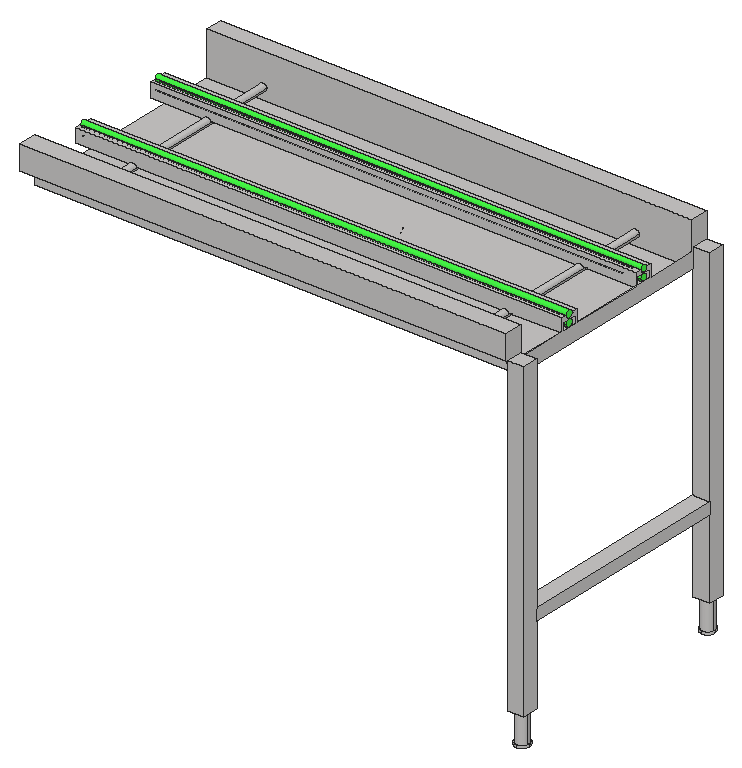
Revit family "QF_ELECTROLUXPROFESSIONAL_863150_HSBCC12", category Specialty Equipment, Revit 2018
Family settings
  Round Connector Dimension = Use Diameter
  Part Type = Normal
  Work Plane-Based = No
  Always vertical = Yes
  Cut with Voids When Loaded = No
  Shared = No
  Room Calculation Point = No
Parameters
  Weight = 0.00 kg
  Watts = 0 W
  Volts = 0 V
  URL Manufacturer = "http://professional.electrolux.com"
  URL = "http://professional.electrolux.com"
  Steam Supply Size = 0 mm
  Steam Supply Minimum Pressure = 0.0 Pa
  Steam Supply Maximum Pressure = 0.0 Pa
  Steam Pounds per Hour = 0
  Refrigeration Suction Line Size = 0 mm
  Refrigeration Liquid Line Size = 0 mm
  Refrigerant Compressor Remote = yes
  Manufacturer = "Electrolux"
  Phase = 0
  Model = "HSBCC12"
  Length Actual = 1200 mm  # constant formula
  Item Number = "863150"
  Hot Water Size = 0 mm
  Height Actual = 910 mm  # constant formula
  HP = "0 HP"
  Gas Size = 0 mm
  Gas KW = 0
  Gas Input Pressure = 0 W
  Description = "CORD CONVEYOR FOR BASKETS, L=1200 MM"
  Depth Actual = 620 mm  # constant formula
  Cycle = 0 Hz
  Condensate Return Size = 0 mm
  Compressed Air Volume = 0.0 L/s
  Compressed Air Size = 0 mm
  Compressed Air Pressure = 0.0 Pa
  Cold Water Size = 0 mm
  Accessory = yes
Reference planes
  plane 1 "Centro (Fronte/Retro)": y = 74.737
  plane 2: z = 0
  plane 3 "LEFT": x = -1638.761
  plane 4 "BACK": y = 384.737
  plane 5 "FRONT": y = -235.263
  plane 6: z = 910
  plane 7 "RIGHT": x = -438.761
  plane 8: x = -1038.761
Forms (mm)
  Extrusion 1, solid, material "QF_Finishes_Stainless Steel"
    sketch origin (11.239, 0, 0) x (0, 1, 0) y (0, 0, 1)
      loop
        line (-235.263, 910) -> (-235.263, 850.033) -> (-190.242, 850.033) -> (-190.242, 910) -> (-235.263, 910)
      loop
        line (384.737, 910) -> (339.716, 910) -> (339.716, 850.033) -> (384.737, 850.033) -> (384.737, 910)
    from -1650 to -451.2
  Extrusion 2, solid, material "QF_Finishes_Stainless Steel"
    sketch origin (11.239, 0, 0) x (0, 1, 0) y (0, 0, 1)
      loop
        line (-191.727, 850.033) -> (-191.727, 800.081) -> (341.245, 800.081) -> (341.245, 850.033) -> (339.716, 850.033) -> (339.716, 803.081) -> (-190.242, 803.081) -> (-190.242, 850.033) -> (-191.727, 850.033)
    from -1650 to -451.2
  Extrusion 3, solid, material "QF_Finishes_Stainless Steel"
    sketch origin (1061.239, 723.253, 4000) x (0, 1, 0) y (0, 0, 1)
      loop
        line (-958.516, -3090) -> (-958.516, -3149.967) -> (-934.752, -3185.632) -> (-915.4, -3185.632) -> (-915.4, -3199.919) -> (-381.633, -3199.919) -> (-381.633, -3185.632) -> (-362.281, -3185.632) -> (-338.516, -3149.967) -> (-338.516, -3090) -> (-383.538, -3090) -> (-383.538, -3161.926) -> (-913.495, -3161.926) -> (-913.495, -3090) -> (-958.516, -3090)
    from -1500 to -1501.2
  Extrusion 4, solid, material "QF_Finishes_Stainless Steel"
    sketch origin (-1477.522, 74.737, 0) x (-1, 0, 0) y (0, 0, -1)
      loop
        line (-1079.929, -300) -> (-1039.929, -300) -> (-1039.929, -270) -> (-1079.929, -270) -> (-1079.929, -300)
    from -266.504 to 266.46
  Revolve 5, solid, material "QF_Finishes_Stainless Steel"
    sketch origin (0, 74.737, 0) x (1, 0, 0) y (0, 0, 1)
      loop
        line (-1115.255, 800.081) -> (-1115.255, 786.333)
        arc (-1115.255, 786.333) -> (-1114.651, 784.73) -> (-1113.151, 783.903) r 2.474
        arc (-1113.151, 783.903) -> (-1109.843, 780.044) -> (-1113.138, 776.173) r 3.913
        arc (-1113.138, 776.173) -> (-1114.648, 775.341) -> (-1115.255, 773.728) r 2.49
        line (-1115.255, 773.728) -> (-1115.255, 733.404)
        arc (-1115.255, 733.404) -> (-1104.605, 702.706) -> (-1077.218, 685.219) r 49.516
        line (-1077.218, 685.219) -> (-1077.218, 682.73) -> (-1076.011, 681.079) -> (-1076.011, 679.492) -> (-1062.231, 673.492) -> (-1062.231, 638.761) -> (-1060.707, 637.3) -> (-1038.761, 637.3) -> (-1038.761, 800.081) -> (-1115.255, 800.081)
      axis (-1038.761, 800.081) -> (-1038.761, 637.3)
    angle from 0 to 360
  Extrusion 6, solid, material "QF_Finishes_Stainless Steel"
    sketch origin (0, 74.737, 0) x (1, 0, 0) y (0, 0, 1)
      loop
        circle (-1498.761, 831.05) r 8.5
    from -265 to 264.979
  Extrusion 7, solid, material "QF_Finishes_Stainless Steel"
    sketch origin (2140, 74.737, 0) x (1, 0, 0) y (0, 0, 1)
      loop
        circle (-2718.761, 831.05) r 8.5
    from -265 to 265
  Extrusion 8, solid, material "QF_Finishes_Stainless Steel"
    sketch origin (-438.761, 0, 0) x (0, 1, 0) y (0, 0, 1)
      loop
        line (-62.763, 869.045) -> (-62.763, 835.05) -> (-60.363, 835.05) -> (-60.363, 857.845) -> (-19.763, 857.845) -> (-19.763, 835.05) -> (-17.763, 835.05) -> (-17.763, 869.045) -> (-30.056, 869.045) -> (-35.275, 860.005) -> (-45.251, 860.005) -> (-50.47, 869.045) -> (-62.763, 869.045)
      loop
        line (212.237, 869.045) -> (199.944, 869.045) -> (194.725, 860.005) -> (184.749, 860.005) -> (179.53, 869.045) -> (167.237, 869.045) -> (167.237, 835.05) -> (169.237, 835.05) -> (169.237, 857.845) -> (209.837, 857.845) -> (209.837, 835.05) -> (212.237, 835.05) -> (212.237, 869.045)
    from 0 to -1200
  Extrusion 9, solid, material "QF_Finishes_Green"
    sketch origin (-438.761, 0, 0) x (0, 1, 0) y (0, 0, 1)
      loop
        circle (-40.263, 868.505) r 7.5
      loop
        circle (-40.263, 848.505) r 7.5
      loop
        circle (189.737, 868.505) r 7.5
      loop
        circle (189.737, 848.505) r 7.5
    from 0 to -1200
Cuts and joins
  joined: Extrusion 1, Extrusion 2, Extrusion 3, Extrusion 6, Extrusion 7, Extrusion 8
Lines and regions (mm)
  Split face 1
    outline origin (-573.782, -239.063, 803.081) x (0, 1, 0) y (-1, 0, 0)
      loop
        circle (313.8, 464.979) r 3
  Split face 2
    outline origin (-573.782, -239.063, 803.081) x (0, 1, 0) y (-1, 0, 0)
      loop
        circle (313.8, 464.979) r 9
  Split face 3
    outline origin (-573.782, -239.063, 803.081) x (0, 1, 0) y (-1, 0, 0)
      loop
        circle (313.8, 464.979) r 26
  Split face 4
    outline origin (-573.782, -239.063, 803.081) x (0, 1, 0) y (-1, 0, 0)
      loop
        circle (313.8, 464.979) r 36
  Split face 5
    outline origin (-573.782, -239.063, 803.081) x (0, 1, 0) y (-1, 0, 0)
      loop
        circle (313.8, 464.979) r 53
  symbolic lines
    curve 1: line (-438.761, 384.737, 0) -> (-1638.761, 384.737, 0)
    curve 2: line (-1638.761, 384.737, 0) -> (-1638.761, -235.263, 0)
    curve 3: line (-1638.761, 339.716, 0) -> (-438.761, 339.716, 0)
    curve 4: line (-1638.761, -235.263, 0) -> (-438.761, -235.263, 0)
    curve 5: line (-438.761, -235.263, 0) -> (-438.761, 384.737, 0)
    curve 6: line (-438.761, -190.242, 0) -> (-1638.761, -190.242, 0)
    curve 7: line (-1638.761, 74.737, 0) -> (-1608.761, 74.737, 0)
    curve 8: line (-438.761, 74.737, 0) -> (-468.761, 74.737, 0)
    curve 9: circle (-1038.761, 74.737, 0) r 23.47 normal (0, 0, 1)
    curve 10: line (-438.761, 212.237, 0) -> (-1638.761, 212.237, 0)
    curve 11: line (-1638.761, 167.237, 0) -> (-438.761, 167.237, 0)
    curve 12: line (-438.761, -17.763, 0) -> (-1638.761, -17.763, 0)
    curve 13: line (-1638.761, -62.763, 0) -> (-438.761, -62.763, 0)
    curve 14: line (-1638.761, -47.763, 0) -> (-438.761, -47.763, 0)
    curve 15: line (-1638.761, -32.763, 0) -> (-438.761, -32.763, 0)
    curve 16: line (-1638.761, 197.237, 0) -> (-438.761, 197.237, 0)
    curve 17: line (-1638.761, 182.237, 0) -> (-438.761, 182.237, 0)
    curve 18: line (-1507.261, 339.716, 0) -> (-1507.261, 212.237, 0)
    curve 19: line (-1490.261, 339.716, 0) -> (-1490.261, 212.237, 0)
    curve 20: line (-1490.261, 167.237, 0) -> (-1490.261, -17.763, 0)
    curve 21: line (-1507.261, 167.237, 0) -> (-1507.261, -17.763, 0)
    curve 22: line (-1507.261, -62.763, 0) -> (-1507.261, -190.242, 0)
    curve 23: line (-1490.261, -62.763, 0) -> (-1490.261, -190.242, 0)
    curve 24: line (-587.261, 339.716, 0) -> (-587.261, 212.237, 0)
    curve 25: line (-570.261, 339.716, 0) -> (-570.261, 212.237, 0)
    curve 26: line (-570.261, 167.237, 0) -> (-570.261, -17.763, 0)
    curve 27: line (-587.261, 167.237, 0) -> (-587.261, -17.763, 0)
    curve 28: line (-587.261, -62.763, 0) -> (-587.261, -190.242, 0)
    curve 29: line (-570.261, -62.763, 0) -> (-570.261, -190.242, 0)
Dimensions and locks
  plane 3 "LEFT" to plane 7 "RIGHT" = 1200 mm
  equal spacing: plane 4 "BACK", plane 1 "Centro (Fronte/Retro)", plane 5 "FRONT"
  plane 4 "BACK" to plane 5 "FRONT" = 620 mm
  equal spacing: plane 3 "LEFT", plane 8, plane 7 "RIGHT"
  locked: Extrusion 6 sketch curve to plane 3 "LEFT" at 140
  locked: plane 7 "RIGHT" to Extrusion 7 sketch curve at 140
  aligned and locked: level to plane 2
  aligned and locked: curve 9 to Revolve 5
  aligned and locked: plane 8 to Split face 5  (x2)
  aligned and locked: plane 8 to Split face 4  (x2)
  aligned and locked: plane 8 to cut or joined group of Extrusion 1, Extrusion 2, Extrusion 3, Extrusion 6, Extrusion 7, Extrusion 8  (x4)
  aligned and locked: plane 8 to Split face 3  (x2)
  aligned and locked: plane 8 to Split face 2  (x2)
  aligned and locked: plane 8 to Split face 1  (x2)
  aligned and locked: Extrusion 2 to plane 3 "LEFT"
  aligned and locked: Extrusion 1 to plane 3 "LEFT"
  aligned and locked: Extrusion 8 to plane 3 "LEFT"
  aligned and locked: cut or joined group of Extrusion 1, Extrusion 2, Extrusion 3, Extrusion 6, Extrusion 7, Extrusion 8 to plane 3 "LEFT"  (x2)
  aligned and locked: plane 3 "LEFT" to curve 6
  aligned and locked: plane 3 "LEFT" to curve 4
  aligned and locked: Extrusion 9 to plane 3 "LEFT"
Automatic sketch dimensions
  Extrusion 1 sketch curve to plane 5 "FRONT" = 0 mm
  Extrusion 1 sketch curve to plane 6 = 0 mm  (x2)
  Extrusion 1 sketch curve to plane 4 "BACK" = 0 mm
  plane 5 "FRONT" to Extrusion 1 sketch curve = 45.021 mm
  Extrusion 1 sketch curve to plane 4 "BACK" = 45.021 mm
  Extrusion 1 sketch curve to Extrusion 1 sketch curve = 59.967 mm  (x2)
  plane 5 "FRONT" to Extrusion 2 sketch curve = 43.536 mm
  Extrusion 2 sketch curve to Extrusion 2 sketch curve = 1.486 mm
  Extrusion 2 sketch curve to plane 4 "BACK" = 45.021 mm
  Extrusion 2 sketch curve to Extrusion 2 sketch curve = 1.529 mm
  Extrusion 2 sketch curve to plane 6 = 109.919 mm
  Extrusion 2 sketch curve to Extrusion 2 sketch curve = 3 mm
  Extrusion 2 sketch curve to Extrusion 2 sketch curve = 46.952 mm  (x2)
  Extrusion 3 sketch curve to plane 5 "FRONT" = 0 mm
  Extrusion 3 sketch curve to plane 6 = 0 mm  (x2)
  Extrusion 3 sketch curve to plane 4 "BACK" = 0 mm
  plane 5 "FRONT" to Extrusion 3 sketch curve = 23.764 mm
  Extrusion 3 sketch curve to Extrusion 3 sketch curve = 19.352 mm  (x2)
  plane 5 "FRONT" to Extrusion 3 sketch curve = 45.021 mm
  Extrusion 3 sketch curve to plane 4 "BACK" = 45.021 mm
  Extrusion 3 sketch curve to Extrusion 3 sketch curve = 1.905 mm
  Extrusion 3 sketch curve to Extrusion 3 sketch curve = 59.967 mm  (x2)
  Extrusion 3 sketch curve to Extrusion 3 sketch curve = 11.959 mm
  Extrusion 3 sketch curve to Extrusion 3 sketch curve = 23.706 mm  (x2)
  Extrusion 3 sketch curve to Extrusion 3 sketch curve = 14.287 mm
  Extrusion 4 sketch curve to plane 7 "RIGHT" = 41.168 mm
  Extrusion 4 sketch curve to plane 7 "RIGHT" = 1.168 mm
  Extrusion 4 sketch curve to level = 270 mm
  Extrusion 4 sketch curve to Extrusion 4 sketch curve = 30 mm
  Extrusion 6 sketch curve to plane 6 = 78.95 mm
  Extrusion 7 sketch curve to plane 6 = 78.95 mm
  plane 1 "Centro (Fronte/Retro)" to Extrusion 8 sketch curve = 137.5 mm
  Extrusion 8 sketch curve to Extrusion 8 sketch curve = 2.4 mm  (x2)
  Extrusion 8 sketch curve to plane 6 = 40.955 mm  (x3)
  Extrusion 8 sketch curve to Extrusion 8 sketch curve = 12.293 mm  (x2)
  Extrusion 8 sketch curve to Extrusion 8 sketch curve = 5.219 mm  (x4)
  Extrusion 8 sketch curve to Extrusion 8 sketch curve = 9.976 mm  (x2)
  Extrusion 8 sketch curve to Extrusion 8 sketch curve = 10.293 mm
  Extrusion 8 sketch curve to Extrusion 8 sketch curve = 2 mm  (x2)
  Extrusion 8 sketch curve to plane 1 "Centro (Fronte/Retro)" = 92.5 mm
  Extrusion 8 sketch curve to plane 6 = 49.995 mm
  Extrusion 8 sketch curve to Extrusion 8 sketch curve = 9.893 mm
  Extrusion 8 sketch curve to Extrusion 8 sketch curve = 11.2 mm
  Extrusion 8 sketch curve to Extrusion 8 sketch curve = 2.16 mm
  Extrusion 8 sketch curve to Extrusion 8 sketch curve = 22.795 mm  (x4)
  Extrusion 8 sketch curve to Extrusion 8 sketch curve = 9.04 mm  (x2)
  plane 1 "Centro (Fronte/Retro)" to Extrusion 9 sketch curve = 115 mm
  Extrusion 9 sketch curve to Extrusion 9 sketch curve = 0 mm  (x2)
  Extrusion 9 sketch curve to plane 1 "Centro (Fronte/Retro)" = 115 mm
  Extrusion 9 sketch curve to plane 6 = 61.495 mm  (x2)
  Extrusion 9 sketch curve to Extrusion 9 sketch curve = 20 mm  (x2)
  plane 1 "Centro (Fronte/Retro)" to curve 7 = 0 mm
  plane 1 "Centro (Fronte/Retro)" to curve 8 = 0 mm
  curve 15 to plane 7 "RIGHT" = 0 mm
  curve 4 to plane 5 "FRONT" = 0 mm
  curve 2 to plane 4 "BACK" = 0 mm
  plane 3 "LEFT" to curve 7 = 30 mm
  curve 18 to plane 4 "BACK" = 45.021 mm
  plane 3 "LEFT" to curve 18 = 131.5 mm
  plane 5 "FRONT" to curve 22 = 45.021 mm
  plane 3 "LEFT" to curve 22 = 131.5 mm
  curve 21 to curve 18 = 0 mm
  curve 18 to curve 19 = 17 mm
  curve 21 to curve 20 = 17 mm
  curve 22 to curve 23 = 17 mm
  curve 28 to plane 7 "RIGHT" = 148.5 mm
  curve 24 to plane 7 "RIGHT" = 148.5 mm
  curve 27 to curve 28 = 0 mm
  curve 27 to curve 26 = 17 mm
  curve 24 to curve 25 = 17 mm
  curve 28 to curve 29 = 17 mm
  curve 8 to plane 7 "RIGHT" = 30 mm
  curve 13 to curve 14 = 15 mm
  curve 14 to curve 15 = 15 mm
  curve 15 to curve 12 = 15 mm
  curve 11 to curve 17 = 15 mm
  curve 16 to curve 10 = 15 mm
  Revolve 5 sketch curve to plane 8 = 0 mm  (x2)
  Revolve 5 sketch curve to Revolve 5 sketch curve = 21.946 mm
  Revolve 5 sketch curve to Revolve 5 sketch curve = 1.524 mm
  Revolve 5 sketch curve to plane 8 = 26.978 mm
  Revolve 5 sketch curve to Revolve 5 sketch curve = 13.78 mm
  Revolve 5 sketch curve to Revolve 5 sketch curve = 1.206 mm
  Revolve 5 sketch curve to Revolve 5 sketch curve = 47.026 mm
  Revolve 5 sketch curve to Revolve 5 sketch curve = 0.016 mm  (x3)
  Revolve 5 sketch curve to Revolve 5 sketch curve = 0.976 mm
  Revolve 5 sketch curve to Revolve 5 sketch curve = 2.474 mm
  Revolve 5 sketch curve to Revolve 5 sketch curve = 2.49 mm
  Revolve 5 sketch curve to Revolve 5 sketch curve = 0 mm
  Revolve 5 sketch curve to plane 6 = 272.7 mm
  Revolve 5 sketch curve to Revolve 5 sketch curve = 1.461 mm
  Revolve 5 sketch curve to Revolve 5 sketch curve = 34.731 mm
  Revolve 5 sketch curve to Revolve 5 sketch curve = 6 mm
  Revolve 5 sketch curve to Revolve 5 sketch curve = 1.588 mm
  Revolve 5 sketch curve to Revolve 5 sketch curve = 1.651 mm
  Revolve 5 sketch curve to Revolve 5 sketch curve = 2.488 mm
  Revolve 5 sketch curve to Revolve 5 sketch curve = 48.167 mm
  Revolve 5 sketch curve to Revolve 5 sketch curve = 40.307 mm
  Revolve 5 sketch curve to Revolve 5 sketch curve = 6.326 mm
  Revolve 5 sketch curve to Revolve 5 sketch curve = 6.296 mm
  Revolve 5 sketch curve to Revolve 5 sketch curve = 13.748 mm
  Revolve 5 sketch curve to Revolve 5 sketch curve = 0.373 mm
  Revolve 5 sketch curve to Revolve 5 sketch curve = 38.557 mm
  plane 6 to Revolve 5 sketch curve = 8.743 mm
  cut or joined group of Extrusion 1, Extrusion 2, Extrusion 3, Extrusion 6, Extrusion 7, Extrusion 8 to Split face 1 sketch curve = 264.979 mm
  cut or joined group of Extrusion 1, Extrusion 2, Extrusion 3, Extrusion 6, Extrusion 7, Extrusion 8 to Split face 1 sketch curve = 598.8 mm
  cut or joined group of Extrusion 1, Extrusion 2, Extrusion 3, Extrusion 6, Extrusion 7, Extrusion 8 to Split face 2 sketch curve = 264.979 mm
  cut or joined group of Extrusion 1, Extrusion 2, Extrusion 3, Extrusion 6, Extrusion 7, Extrusion 8 to Split face 2 sketch curve = 598.8 mm
  cut or joined group of Extrusion 1, Extrusion 2, Extrusion 3, Extrusion 6, Extrusion 7, Extrusion 8 to Split face 3 sketch curve = 264.979 mm
  cut or joined group of Extrusion 1, Extrusion 2, Extrusion 3, Extrusion 6, Extrusion 7, Extrusion 8 to Split face 3 sketch curve = 598.8 mm
  cut or joined group of Extrusion 1, Extrusion 2, Extrusion 3, Extrusion 6, Extrusion 7, Extrusion 8 to Split face 4 sketch curve = 264.979 mm
  cut or joined group of Extrusion 1, Extrusion 2, Extrusion 3, Extrusion 6, Extrusion 7, Extrusion 8 to Split face 4 sketch curve = 598.8 mm
  cut or joined group of Extrusion 1, Extrusion 2, Extrusion 3, Extrusion 6, Extrusion 7, Extrusion 8 to Split face 5 sketch curve = 264.979 mm
  cut or joined group of Extrusion 1, Extrusion 2, Extrusion 3, Extrusion 6, Extrusion 7, Extrusion 8 to Split face 5 sketch curve = 598.8 mm
  curve 6 to curve 13 = 127.479 mm
  curve 20 to curve 19 = 45 mm
  curve 26 to plane 1 "Centro (Fronte/Retro)" = 92.5 mm
  radius of Extrusion 6 sketch curve = 8.5 mm
  radius of Extrusion 7 sketch curve = 8.5 mm
  radius of Extrusion 9 sketch curve = 7.5 mm  (x4)
  radius of Split face 1 sketch curve = 3 mm
  radius of Split face 2 sketch curve = 9 mm
  radius of Split face 3 sketch curve = 26 mm
  radius of Split face 4 sketch curve = 36 mm
  radius of Split face 5 sketch curve = 53 mm
Nested families
  nested 1: "Foot_40x40" at (-417.593, 361.245, 0) x (-1, 0, 0) z (0, 0, 1), type "Foot_40x40"
    with A 850.033 mm
  nested 2: "Foot_40x40" at (-417.593, -211.771, 0) x (-1, 0, 0) z (0, 0, 1), type "Foot_40x40"
    with A 850.033 mm
Connectors
  piping at (-1038.761, 74.737, 637.3), diameter 40
    settings: on Revolve 5, index 1, connector inside diameter 609.6 mm, connector length 0 mm, flow factor 0, pipe flow 0.0 L/s, pressure drop 0.0 Pa, fitting loss kfactor 0, connector angle 0.00°, fixture units 0, engagement length 0 mm, angle of deflection 0.00°, flow configuration 1, flow direction 2, fitting loss method 0, system type 16, joint type 0, gender type 0, connector reference index -1, connector utility 0, adjustable connector no, is connector primary yes, connector description "Drain"
Definition of nested family "Foot_40x40"
  Parameters
    A [instance] = 850 mm
  Reference planes
    plane 1 "Centro (Fronte/Retro)": y = 0
    plane 2: z = 0
    plane 3 "Centro (Sinistra/Destra)": x = 0
    plane 4: z = 850
  Forms (mm)
    Extrusion 1, solid
      sketch origin (0, 0, 0) x (1, 0, 0) y (0, 1, 0)
        loop
          circle (0, 0) r 18
      from 0 to 5
    Extrusion 2, solid
      sketch origin (0, 0, 5) x (1, 0, 0) y (0, 1, 0)
        loop
          circle (0, 0) r 15
      from 0 to 70
    Extrusion 3, solid
      sketch origin (0, 0, 75) x (1, 0, 0) y (0, 1, 0)
        loop
          line (-20, 20) -> (-20, -20) -> (20, -20) -> (20, 20) -> (-20, 20)
      from 0 to 775
  Dimensions and locks
    "A": plane 4 to plane 2
    aligned and locked: level to plane 2
    aligned and locked: plane 4 to Extrusion 3
    aligned and locked: Extrusion 1 to level
  Automatic sketch dimensions
    plane 1 "Centro (Fronte/Retro)" to Extrusion 1 sketch curve = 0 mm
    Extrusion 1 sketch curve to plane 3 "Centro (Sinistra/Destra)" = 0 mm
    Extrusion 3 sketch curve to Extrusion 3 sketch curve = 40 mm  (x2)
    radius of Extrusion 1 sketch curve = 18 mm
    radius of Extrusion 2 sketch curve to Extrusion 1 = 3 mm
